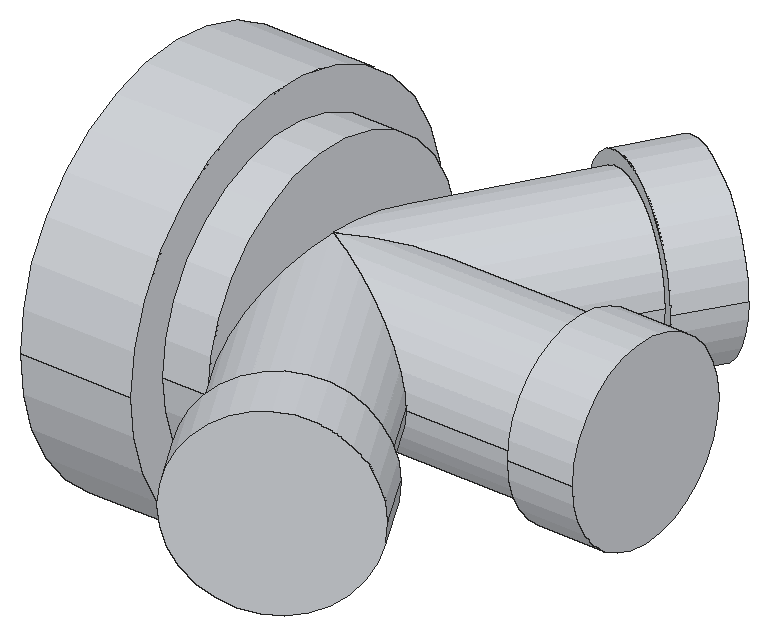
Revit family "M_Conexão de entrada do corpo de bombeiros - 3 vias - Corpo", category Equipamento mecânico, Revit 2019
Family settings
  Cota do conector redondo = Usar raio
  Tipo de parte = Normal
  Número OmniClass = 23.65.70.17.14
  Título OmniClass = Water Fire Fighting Terminals
  ID de item do Seek = Fire Department Inlet Connection - 3 Way - Body-0000-CAN-ENU
  Com base no plano de trabalho = Não
  Sempre na vertical = Sim
  Corte com vazios quando carregada = Não
  Compartilhado = Não
  Ponto de cálculo do ambiente = Não
Parameters (values of type "100 mmx65 mmx65 mmx65 mm")
  Raio nominal = 50 mm
  Diâmetro nominal = 2 * Raio nominal  # 100 mm
  Material do corpo de conexão = none
  Assembly Code = ""
Types (2, lengths in mm): name | Raio nominal | Diâmetro nominal
  100 mmx65 mmx65 mmx65 mm | 50 | 100
  150 mmx65 mmx65 mmx65 mm | 75 | 150
Reference planes
  plane 1 "Centro (Frente/Trás)": y = 0
  plane 2: z = 0
  plane 3 "Centro (Esquerda/Direita)": x = 0
  plane 4: x = 53.975
  plane 5: x = 76.2
  plane 6: x = 196.85
  plane 7: x = 228.6
  plane 8: x = 136.525
  plane 9: x = 152.4
Forms (mm)
  Extrusion 1, solid, material <- "Material do corpo de conexão", detail levels fine
    sketch origin (0, 0, 0) x (0, 1, 0) y (0, 0, 1)
      loop
        circle (0, 0) r 95.25
    from 0 to 53.975
  Extrusion 2, solid, material <- "Material do corpo de conexão", detail levels fine
    sketch origin (0, 0, 0) x (0, 1, 0) y (0, 0, 1)
      loop
        circle (0, 0) r 76.2
    from 53.975 to 76.2
  Extrusion 3, solid, material <- "Material do corpo de conexão", detail levels fine
    sketch origin (0, 0, 0) x (0, 1, 0) y (0, 0, 1)
      loop
        circle (0, 0) r 38.1
    from 76.2 to 196.85
  Extrusion 4, solid, material <- "Material do corpo de conexão", detail levels fine
    sketch origin (0, 0, 0) x (0, 1, 0) y (0, 0, 1)
      loop
        circle (0, 0) r 44.45
    from 196.85 to 228.6
  Sweep 5, solid, material <- "Material do corpo de conexão", detail levels fine
    path in 3D
      loop
        line (76.2, 0, 0) -> (136.525, 104.486, 0)
    profile origin (106.363, 52.243, 0) x (-0.866025, 0.5, 0) y (0, 0, 1)
      loop
        circle (0, 0) r 38.1
  Sweep 6, solid, material <- "Material do corpo de conexão", detail levels fine
    path in 3D
      loop
        line (136.525, 104.486, 0) -> (152.4, 131.982, 0)
    profile origin (144.463, 118.234, 0) x (-0.866025, 0.5, 0) y (0, 0, 1)
      loop
        circle (0, 0) r 44.45
  Sweep 7, solid, material <- "Material do corpo de conexão", detail levels fine
    path in 3D
      loop
        line (76.2, 0, 0) -> (136.534, -104.502, 0)
    profile origin (106.367, -52.251, 0) x (0.866025, 0.5, 0) y (0, 0, 1)
      loop
        circle (0, 0) r 38.1
  Sweep 8, solid, material <- "Material do corpo de conexão", detail levels fine
    path in 3D
      loop
        line (136.525, -104.486, 0) -> (152.4, -131.982, 0)
    profile origin (144.463, -118.234, 0) x (0.866025, 0.5, 0) y (0, 0, 1)
      loop
        circle (0, 0) r 44.45
Cuts and joins
  joined: Extrusion 1, Extrusion 2, Sweep 5, Sweep 6
Lines and regions (mm)
  sketch lines
    curve 1: line (76.2, 0, 0) -> (136.525, 104.486, 0)
    curve 2: line (136.525, 104.486, 0) -> (152.4, 131.982, 0)
    curve 3: line (76.2, 0, 0) -> (136.534, -104.502, 0)
    curve 4: line (136.525, -104.486, 0) -> (152.4, -131.982, 0)
  model lines, detail levels coarse+medium
    curve 5: line (0, 0, 0) -> (196.85, 0, 0)
    curve 6: line (136.525, 104.486, 0) -> (76.2, 0, 0)
    curve 7: line (76.2, 0, 0) -> (136.525, -104.486, 0)
    curve 8: circle (144.463, 118.234, 0) r 15.875 normal (0, 0, 1)
    curve 9: circle (212.725, 0, 0) r 15.875 normal (0, 0, 1)
    curve 10: circle (144.463, -118.234, 0) r 15.875 normal (0, 0, 1)
  symbolic lines, detail levels coarse+medium
    curve 11: circle (0, 0, 0) r 95.3 normal (1, 0, 0)
  symbolic lines
    curve 12: circle (212.725, 0, 0) r 15.875 normal (0, -1, 0)
Dimensions and locks
  locked: plane 3 "Centro (Esquerda/Direita)" to plane 4 at 53.975
  locked: plane 4 to plane 5 at 22.225
  locked: plane 5 to plane 6 at 120.65
  locked: plane 6 to plane 7 at 31.75
  locked: plane 5 to plane 8 at 60.325
  locked: plane 8 to plane 9 at 15.875
  radius of Extrusion 4 sketch curve = 44.45 mm
  radius of curve 11 = 95.3 mm
  radius of curve 12 = 15.875 mm
  aligned and locked: plane 1 "Centro (Frente/Trás)" to Extrusion 1 sketch curve
  aligned and locked: plane 2 to Extrusion 1 sketch curve
  aligned and locked: Extrusion 1 to plane 3 "Centro (Esquerda/Direita)"
  aligned and locked: plane 4 to Extrusion 1
  aligned and locked: plane 1 "Centro (Frente/Trás)" to Extrusion 2 sketch curve
  aligned and locked: plane 2 to Extrusion 2 sketch curve
  aligned and locked: Extrusion 2 to plane 4
  aligned and locked: plane 5 to Extrusion 2
  aligned and locked: plane 1 "Centro (Frente/Trás)" to Extrusion 3 sketch curve
  aligned and locked: plane 2 to Extrusion 3 sketch curve
  aligned and locked: Extrusion 3 to plane 5
  aligned and locked: plane 6 to Extrusion 3
  aligned and locked: plane 1 "Centro (Frente/Trás)" to Extrusion 4 sketch curve
  aligned and locked: plane 2 to Extrusion 4 sketch curve
  aligned and locked: Extrusion 4 to plane 6
  aligned and locked: plane 7 to Extrusion 4  (x2)
  aligned and locked: plane 5 to cut or joined group of Extrusion 1, Extrusion 2, Sweep 5, Sweep 6
  aligned and locked: plane 1 "Centro (Frente/Trás)" to curve 5
  aligned and locked: plane 3 "Centro (Esquerda/Direita)" to curve 5
  aligned and locked: plane 6 to curve 5
  aligned and locked: plane 5 to curve 7
  aligned and locked: plane 8 to curve 6
  aligned and locked: plane 5 to curve 6
  aligned and locked: plane 8 to curve 7
  aligned and locked: cut or joined group of Extrusion 1, Extrusion 2, Sweep 5, Sweep 6 to curve 6
  aligned and locked: Extrusion 3 to plane 6
  aligned and locked: plane 1 "Centro (Frente/Trás)" to cut or joined group of Extrusion 1, Extrusion 2, Sweep 5, Sweep 6
  aligned and locked: plane 2 to curve 11
  aligned and locked: plane 1 "Centro (Frente/Trás)" to curve 11
Connectors
  piping at (0, 0, 0), diameter 100, driven by "Raio nominal"
    settings: on Extrusion 1, index 1, connector inside diameter 100 mm, connector length 0 mm, flow factor 0, pipe flow 0.0 L/s, pressure drop 0.0 Pa, fitting loss kfactor 0, connector angle 0.00°, fixture units 0, engagement length 0 mm, angle of deflection 0.00°, flow configuration 1, flow direction 2, fitting loss method 0, system type 29, joint type 0, gender type 0, connector reference index -1, connector utility 0, adjustable connector no, is connector primary yes, connector description "Saída"
